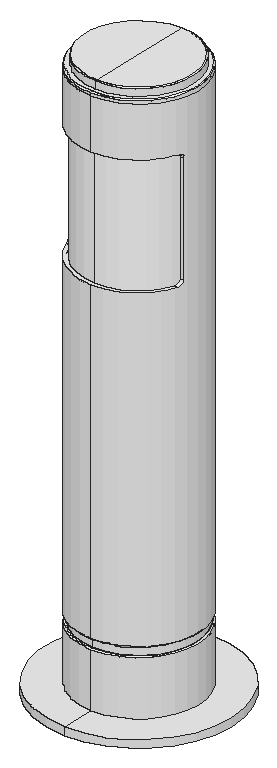
Revit family "Lighting_Outside_Focus-Lighting_Dua-Low-Bollard", category Lighting Fixtures, Revit 2018
Family settings
  Round Connector Dimension = Use Diameter
  Part Type = Normal
  OmniClass Number = 23.80.70.00
  OmniClass Title = Lighting
  Work Plane-Based = No
  Always vertical = Yes
  Cut with Voids When Loaded = No
  Light Source = Yes
  Shared = No
  Room Calculation Point = No
Parameters (values of type "Dua Low Bollard - 12W, 350 mA, 2700 K, 90 Ra")
  Wattage = 9.2903 W
  WarrantyStartDate [instance] = "n/a"
  WarrantyGuarantorParts = "n/a"
  WarrantyGuarantorLabor = "n/a"
  WarrantyDurationUnit = "Years"
  WarrantyDurationParts = "n/a"
  WarrantyDurationLabor = "n/a"
  WarrantyDescription = "n/a"
  built-in parameter 1150110 = 1 (stored number, unit not read)
  VersionDate = "11/02/2021"  # constant formula
  Version = "1"  # constant formula
  UsageCurrent = 0.35 A
  Uniclass2015Reference = "Pr_70_70_48_32"
  Uniclass2015Description = "Free standing luminaires"
  Uniclass2 = "Pr_70_70_49"
  URL = "https://www.focus-lighting.dk/products/dua-bollard/"
  TotalWattage = 12 W
  built-in parameter 1114217 = 1 (stored number, unit not read)
  built-in parameter 1150109 = 1 (stored number, unit not read)
  built-in parameter 1150134 = (empty or 0)
  TagNumber [instance] = "n/a"
  SustainabilityPerformance = "n/a"
  built-in parameter 1150113 = 1 (stored number, unit not read)
  Size = "187x187x575 mm"
  Shape = "Sculptured"
  SerialNumber [instance] = "n/a"
  Revision = "n/a"  # constant formula
  ReplacementCost = "n/a"
  ProductInformation = "n/a"
  PhaseReference = "n/a"
  PhaseAngle = 0.00°
  NumberOfSources = 0
  NumberOfPoles = 1
  NominalWidth = 187 mm
  NominalVoltageCalc = 0 V
  NominalVoltage = 230 V
  NominalRadius = 93.5 mm
  NominalLength = 187 mm
  NominalHeight = 575 mm
  NominalFrequencyRange = 50 Hz
  NominalDiameter = 187 mm
  NominalCurrent = 0 A
  Name = "Dua-Low-Bollard"
  NBSReference = "90-60-50/405"
  NBSDescription = "General purpose luminaires"
  ModelReference = "n/a"
  ModelNumber = ArticleNumber  # "7856-"
  Model = "Dua Low Bollard - 12W, 350 mA, 2700 K, 90 Ra"
  Material = "Aluminium"
  ManufacturersSpecificInformation = "n/a"
  ManufacturerURL = "https://www.focus-lighting.dk/home/"
  ManufacturerName = "Focus Lighting"
  Manufacturer = "Focus lighting"
  MaintenanceFactor = 0
  Lumens = 1380 lm
  built-in parameter 1150115 = 1 (stored number, unit not read)
  built-in parameter 1150105 = 109.82 (stored number, unit not read)
  LightFixturePlacingType = "Floor"
  LightFixtureMountingType = "Surface"
  LightFixtureMainMaterial [instance] = Aluminum black
  Light Source Symbol Size = 609.6 mm
  built-in parameter 1150137 = (empty or 0)
  built-in parameter 1150139 = (empty or 0)
  LensMaterial = Microprismatic acrylate
  built-in parameter 1150112 = 1 (stored number, unit not read)
  built-in parameter 1150114 = 1 (stored number, unit not read)
  InsulationStandardClass = "Class II; use code for Class I"
  InstallationDate [instance] = "n/a"
  built-in parameter 1150132 = 2
  built-in parameter 1150102 = (empty or 0)
  built-in parameter 1150138 = (empty or 0)
  built-in parameter 1150107 = 2700 (stored number, unit not read)
  built-in parameter 1150106 = 1.0982 (stored number, unit not read)
  IfcExportType = "NOTDEFINED"  # constant formula
  IfcExportAs = "IfcLightFixtureType"  # constant formula
  IP_Code = "IP66"
  HasProtectiveEarth = no
  Grade = "n/a"
  Finish = "Finish Graphite grey: YW355F, Akzo Nobel; Silver grey: Y2370I, Akzo Nobel; Corten brown: YX355F, Akzo Nobel; Black: Noir 900 Sablé, SN351F, Akzo Nobel. Shade Acrylic tube with inside spinned grooves."
  Features = "Mounting For embedment or on flanged base. Connection max three cables 5x16 mm2.LED type Bridgelux V8 and V6. Power consumption 12 W, 350 mA. Colour rendering min 90 Ra. Colour accuracy 3 steps SDCM."
  ExpectedLife = "Operational life min 100,000 hours at ta max 25° C, L80B10."
  ElectricalDeviceNominalPower = 0
  built-in parameter 1150104 = 13.8 (stored number, unit not read)
  DurationUnit = "Hours"
  Dimming Lamp Color Temperature Shift = <None>
  Designer = "Juul | Frost Arkitekter"
  Description = ""
  DefaultElevation = 0 mm
  Constituents = "n/a"
  Color Filter = 16777215
  Color = "Various"
  Collection = "Dua"
  CodePerformance = "n/a"
  Category = "Outside"
  Brand = "Focus lighting"
  Barcode [instance] = "n/a"
  built-in parameter 1114218 = 1 (stored number, unit not read)
  BIMObjectName = "Lighting_Outside_Focus-Lighting_Dua-Low-Bollard"
  built-in parameter 1150133 = 10 (stored number, unit not read)
  AssetType = "Fixed"
  AssetIdentifier [instance] = "n/a"
  ArticleNumber = "7856-"
  AccessibilityPerformance = "n/a"
Types (4, lengths in mm): name | built-in parameter 1150134 | Model | built-in parameter 1150107
  (no name) | (empty or 0) | "Dua Low Bollard - 12W, 350 mA, 2700 K, 90 Ra" | 2700 (stored number, unit not read)
  Dua Low Bollard - 12W, 350 mA, 2700 K, 90 Ra | (empty or 0) | "Dua Low Bollard - 12W, 350 mA, 2700 K, 90 Ra" | 2700 (stored number, unit not read)
  Dua Low Bollard - 12W, 350 mA, 3000 K, 90 Ra | (empty or 0) | "Dua Low Bollard - 12W, 350 mA, 3000 K, 90 Ra" | 3000 (stored number, unit not read)
  Dua Low Bollard - 12W, 350 mA, 4000 K, 90 Ra | 12 | "Dua Low Bollard - 12W, 350 mA, 4000 K, 90 Ra" | 4000 (stored number, unit not read)
Reference planes
  plane 1 "Light Source Axis (F/B)": y = 0
  plane 2: z = 0
  plane 3 "Light Source Axis (L/R)": x = 0
  plane 4 "Light Source Elevation": z = 452
  plane 5: y = 93.5
  plane 6: x = -93.5
  plane 7: y = -93.5
  plane 8: x = 93.5
  plane 9: z = 575
Dimensions and locks
  equal spacing: plane 6, plane 3 "Light Source Axis (L/R)", plane 8
  equal spacing: plane 7, plane 1 "Light Source Axis (F/B)", plane 5
  "NominalWidth": plane 6 to plane 8
  "NominalLength": plane 7 to plane 5
  "NominalHeight": plane 9 to plane 2
  aligned and locked: plane 3 "Light Source Axis (L/R)" to imposter light
  aligned and locked: plane 1 "Light Source Axis (F/B)" to imposter light
  aligned and locked: plane 4 "Light Source Elevation" to imposter light
  aligned and locked: level to plane 2
  aligned and locked: plane 4 "Light Source Elevation" to nested 1
Nested families
  nested 1: "Dua-Low-Bollard" at (0, 0, 0), Acrylic <- "LensMaterial", BodyVarnished <- "LightFixtureMainMaterial", type "Dua-Low-Bollard"
    with BodyVarnished Aluminum black, Acrylic Microprismatic acrylate
Definition of nested family "Dua-Low-Bollard"
  Parameters (values of type "Dua-Low-Bollard")
    BodyVarnished [instance] = none
    Inground [instance] = none
    Acrylic [instance] = none
  Reference planes
    plane 1 "Center (Front/Back)": y = 0
    plane 2: z = 0
    plane 3 "Center (Left/Right)": x = 0
    plane 4: y = 93.5
    plane 5: x = -93.5
    plane 6: z = 574
    plane 7: z = 452
    plane 8: x = 93.5
    plane 9: y = -93.5
  Forms (mm)
    Revolve 1, solid, material <- "BodyVarnished", detail levels medium+fine
      sketch origin (0, 0, 0) x (0, 1, 0) y (0, 0, 1)
        loop
          line (53.5, 574) -> (0, 574) -> (0, 559) -> (56, 559) -> (56, 562) -> (60, 562) -> (60, 565) -> (59, 566) -> (54.5, 566) -> (54.5, 573) -> (53.5, 574)
        axis (0, 559) -> (0, 574)
      angle from 0 to 360
    Revolve 2, solid, material <- "BodyVarnished", detail levels medium+fine
      sketch origin (0, 0, 0) x (0, 1, 0) y (0, 0, 1)
        loop
          line (56.5, 8) -> (60, 8) -> (60, 63) -> (59, 64) -> (57.5, 64) -> (57.5, 72) -> (59, 72) -> (60, 73) -> (60, 562) -> (56.5, 562) -> (56.5, 8)
        axis (0, 562) -> (0, 8)
      angle from 0 to 360
    Revolve 3, solid, material <- "Acrylic", detail levels medium+fine
      sketch origin (0, 0, 0) x (0, 1, 0) y (0, 0, 1)
        loop
          line (55, 554.5) -> (0, 554.5) -> (0, 551.5) -> (50, 551.5) -> (50, 493.25) -> (51.5, 493.25) -> (51.5, 489.75) -> (50, 489.75) -> (50, 473.25) -> (51.5, 473.25) -> (51.5, 469.75) -> (50, 469.75) -> (50, 453.25) -> (51.5, 453.25) -> (51.5, 449.75) -> (50, 449.75) -> (50, 433.25) -> (51.5, 433.25) -> (51.5, 429.75) -> (50, 429.75) -> (50, 413.25) -> (51.5, 413.25) -> (51.5, 409.75) -> (50, 409.75) -> (50, 167.5) -> (55, 167.5) -> (55, 554.5)
        loop
          line (0, 547.5) -> (0, 539.5) -> (48, 539.5) -> (49, 540.5) -> (49, 546.5) -> (48, 547.5) -> (0, 547.5)
        axis (0, 167.5) -> (0, 554.5)
      angle from 0 to 360
    Revolve 4, solid, material <- "BodyVarnished", detail levels medium+fine
      sketch origin (0, 0, 0) x (0, 1, 0) y (0, 0, 1)
        loop
          line (50, 0) -> (93.5, 0) -> (93.5, 8) -> (55, 8) -> (55, 165) -> (54, 166) -> (49.5, 166) -> (49.5, 175) -> (48.5, 176) -> (0, 176) -> (0, 161) -> (50, 161) -> (50, 0)
        axis (0, 0) -> (0, 176)
      angle from 0 to 360
    Extrusion 5, void
      sketch origin (0, 0, 0) x (0, 1, 0) y (0, 0, 1)
        loop
          line (-15.529, 397) -> (-15.529, 507)
          arc (-15.529, 507) -> (-16.994, 510.536) -> (-20.529, 512) r 5
          line (-20.529, 512) -> (-60, 512) -> (-60, 392) -> (-20.529, 392)
          arc (-20.529, 392) -> (-16.994, 393.464) -> (-15.529, 397) r 5
      from -60 to 60
    Extrusion 6, solid, material <- "BodyVarnished", detail levels coarse
      sketch origin (0, 0, 0) x (1, 0, 0) y (0, 1, 0)
        loop
          line (-93.5, 93.5) -> (-93.5, -93.5) -> (93.5, -93.5) -> (93.5, 93.5) -> (-93.5, 93.5)
      from 0 to 574
  Cuts and joins
    Extrusion 5 cuts Revolve 2
  Lines and regions (mm)
    symbolic lines, detail levels medium+fine
      curve 1: line (0, 0, 574) -> (0, 53.5, 574)
      curve 2: line (0, 53.5, 574) -> (0, 54.5, 573)
      curve 3: line (0, 54.5, 573) -> (0, 54.5, 566)
      curve 4: line (0, 54.5, 566) -> (0, 59, 566)
      curve 5: line (0, 59, 566) -> (0, 60, 565)
      curve 6: line (0, 60, 562) -> (0, 60, 73)
      curve 7: line (0, 60, 73) -> (0, 59, 72)
      curve 8: line (0, 59, 72) -> (0, 57.5, 72)
      curve 9: line (0, 57.5, 72) -> (0, 57.5, 64)
      curve 10: line (0, 57.5, 64) -> (0, 59, 64)
      curve 11: line (0, 59, 64) -> (0, 60, 63)
      curve 12: line (0, 60, 63) -> (0, 60, 8)
      curve 13: line (0, 60, 8) -> (0, 93.5, 8)
      curve 14: line (0, 93.5, 8) -> (0, 93.5, 0)
      curve 15: line (0, 93.5, 0) -> (0, -93.5, 0)
      curve 16: line (0, 0, 574) -> (0, -53.5, 574)
      curve 17: line (0, -53.5, 574) -> (0, -54.5, 573)
      curve 18: line (0, -54.5, 573) -> (0, -54.5, 566)
      curve 19: line (0, -54.5, 566) -> (0, -59, 566)
      curve 20: line (0, -59, 566) -> (0, -60, 565)
      curve 21: line (0, -60, 562) -> (0, -60, 512)
      curve 22: line (0, -60, 73) -> (0, -59, 72)
      curve 23: line (0, -59, 72) -> (0, -57.5, 72)
      curve 24: line (0, -57.5, 72) -> (0, -57.5, 64)
      curve 25: line (0, -57.5, 64) -> (0, -59, 64)
      curve 26: line (0, -59, 64) -> (0, -60, 63)
      curve 27: line (0, -60, 63) -> (0, -60, 8)
      curve 28: line (0, -60, 8) -> (0, -93.5, 8)
      curve 29: line (0, -93.5, 8) -> (0, -93.5, 0)
      curve 33: line (0, -55, 392) -> (0, -60, 392)
      curve 34: line (0, -55, 392) -> (0, -55, 512)
      curve 35: line (0, -55, 512) -> (0, -60, 512)
      curve 36: line (0, -60, 392) -> (0, -60, 73)
      curve 37: line (54.5, 0, 566) -> (54.5, 0, 573)
      curve 38: line (54.5, 0, 573) -> (53.5, 0, 574)
      curve 39: line (53.5, 0, 574) -> (-53.5, 0, 574)
      curve 40: line (60, 0, 565) -> (59, 0, 566)
      curve 41: line (59, 0, 566) -> (54.5, 0, 566)
      curve 42: line (93.5, 0, 0) -> (93.5, 0, 8)
      curve 43: line (93.5, 0, 8) -> (60, 0, 8)
      curve 44: line (60, 0, 8) -> (60, 0, 63)
      curve 45: line (60, 0, 63) -> (59, 0, 64)
      curve 46: line (59, 0, 64) -> (57.5, 0, 64)
      curve 47: line (57.5, 0, 64) -> (57.5, 0, 72)
      curve 48: line (57.5, 0, 72) -> (59, 0, 72)
      curve 49: line (59, 0, 72) -> (60, 0, 73)
      curve 50: line (60, 0, 73) -> (60, 0, 562)
      curve 51: line (60, 0, 562) -> (60, 0, 565)
      curve 52: line (0, -60, 565) -> (0, -60, 562)
      curve 54: line (0, 60, 562) -> (0, 60, 565)
      curve 57: line (-54.5, 0, 566) -> (-54.5, 0, 573)
      curve 58: line (-54.5, 0, 573) -> (-53.5, 0, 574)
      curve 59: line (-60, 0, 565) -> (-59, 0, 566)
      curve 60: line (-59, 0, 566) -> (-54.5, 0, 566)
      curve 61: line (93.5, 0, 0) -> (-93.5, 0, 0)
      curve 62: line (-93.5, 0, 0) -> (-93.5, 0, 8)
      curve 63: line (-93.5, 0, 8) -> (-60, 0, 8)
      curve 64: line (-60, 0, 8) -> (-60, 0, 63)
      curve 65: line (-60, 0, 63) -> (-59, 0, 64)
      curve 66: line (-59, 0, 64) -> (-57.5, 0, 64)
      curve 67: line (-57.5, 0, 64) -> (-57.5, 0, 72)
      curve 68: line (-57.5, 0, 72) -> (-59, 0, 72)
      curve 69: line (-59, 0, 72) -> (-60, 0, 73)
      curve 70: line (-60, 0, 73) -> (-60, 0, 562)
      curve 71: line (-60, 0, 562) -> (-60, 0, 565)
      curve 94: circle (0, 0, 0) r 93.5 normal (0, 0, 1)
    symbolic lines, detail levels fine
      curve 30: line (0, 57.5, 64) -> (0, -57.5, 64)
      curve 31: line (0, -57.5, 72) -> (0, 57.5, 72)
      curve 32: line (0, -60, 8) -> (0, 60, 8)
      curve 53: line (0, -60, 562) -> (0, 60, 562)
      curve 55: line (0, 54.5, 566) -> (0, -54.5, 566)
      curve 56: line (60, 0, 562) -> (-60, 0, 562)
      curve 72: line (-60, 0, 8) -> (60, 0, 8)
      curve 73: line (-57.5, 0, 64) -> (57.5, 0, 64)
      curve 74: line (57.5, 0, 72) -> (-57.5, 0, 72)
      curve 75: line (56.425, 0, 512) -> (-56.425, 0, 512)
      curve 76: line (56.429, 0, 392) -> (-56.429, 0, 392)
      curve 77: line (-54.324, 0, 508.136) -> (-54.324, 0, 396.735)
      curve 78: spline (-54.324, 0, 508.136) -> (-54.287, 0, 508.673) -> (-54.229, 0, 509.188) -> (-54.149, 0, 509.675) -> (-54.048, 0, 510.128) -> (-53.928, 0, 510.542) -> (-53.791, 0, 510.912) -> (-53.637, 0, 511.232) -> (-53.469, 0, 511.5) -> (-53.289, 0, 511.711) -> (-53.1, 0, 511.864) -> (-52.902, 0, 511.957) -> (-52.699, 0, 511.988)
      curve 79: spline (-52.694, 0, 392.013) -> (-52.897, 0, 392.052) -> (-53.097, 0, 392.17) -> (-53.291, 0, 392.365) -> (-53.475, 0, 392.634) -> (-53.647, 0, 392.972) -> (-53.805, 0, 393.375) -> (-53.945, 0, 393.835) -> (-54.066, 0, 394.347) -> (-54.166, 0, 394.901) -> (-54.243, 0, 395.49) -> (-54.296, 0, 396.105) -> (-54.324, 0, 396.735)
      curve 80: spline (-57.959, 0, 397) -> (-57.968, 0, 396.344) -> (-57.948, 0, 395.702) -> (-57.899, 0, 395.083) -> (-57.821, 0, 394.497) -> (-57.717, 0, 393.955) -> (-57.587, 0, 393.466) -> (-57.435, 0, 393.037) -> (-57.262, 0, 392.676) -> (-57.072, 0, 392.388) -> (-56.867, 0, 392.18) -> (-56.652, 0, 392.053) -> (-56.429, 0, 392.011)
      curve 81: line (-57.959, 0, 397) -> (-57.959, 0, 506.947)
      curve 82: spline (-56.425, 0, 511.989) -> (-56.624, 0, 511.946) -> (-56.819, 0, 511.817) -> (-57.008, 0, 511.606) -> (-57.187, 0, 511.315) -> (-57.353, 0, 510.95) -> (-57.504, 0, 510.516) -> (-57.636, 0, 510.02) -> (-57.748, 0, 509.472) -> (-57.838, 0, 508.881) -> (-57.903, 0, 508.256) -> (-57.944, 0, 507.607) -> (-57.959, 0, 506.947)
      curve 83: line (54.324, 0, 508.136) -> (54.324, 0, 396.735)
      curve 84: spline (54.324, 0, 508.136) -> (54.287, 0, 508.673) -> (54.229, 0, 509.188) -> (54.149, 0, 509.675) -> (54.048, 0, 510.128) -> (53.928, 0, 510.542) -> (53.791, 0, 510.912) -> (53.637, 0, 511.232) -> (53.469, 0, 511.5) -> (53.289, 0, 511.711) -> (53.1, 0, 511.864) -> (52.902, 0, 511.957) -> (52.699, 0, 511.988)
      curve 85: spline (52.694, 0, 392.013) -> (52.897, 0, 392.052) -> (53.097, 0, 392.17) -> (53.291, 0, 392.365) -> (53.475, 0, 392.634) -> (53.647, 0, 392.972) -> (53.805, 0, 393.375) -> (53.945, 0, 393.835) -> (54.066, 0, 394.347) -> (54.166, 0, 394.901) -> (54.243, 0, 395.49) -> (54.296, 0, 396.105) -> (54.324, 0, 396.735)
      curve 86: spline (57.959, 0, 397) -> (57.968, 0, 396.344) -> (57.948, 0, 395.702) -> (57.899, 0, 395.083) -> (57.821, 0, 394.497) -> (57.717, 0, 393.955) -> (57.587, 0, 393.466) -> (57.435, 0, 393.037) -> (57.262, 0, 392.676) -> (57.072, 0, 392.388) -> (56.867, 0, 392.18) -> (56.652, 0, 392.053) -> (56.429, 0, 392.011)
      curve 87: line (57.959, 0, 397) -> (57.959, 0, 506.947)
      curve 88: spline (56.425, 0, 511.989) -> (56.624, 0, 511.946) -> (56.819, 0, 511.817) -> (57.008, 0, 511.606) -> (57.187, 0, 511.315) -> (57.353, 0, 510.95) -> (57.504, 0, 510.516) -> (57.636, 0, 510.02) -> (57.748, 0, 509.472) -> (57.838, 0, 508.881) -> (57.903, 0, 508.256) -> (57.944, 0, 507.607) -> (57.959, 0, 506.947)
      curve 89: line (-54.5, 0, 566) -> (54.5, 0, 566)
      curve 90: circle (0, 0, 0) r 60 normal (0, 0, 1)
      curve 91: circle (0, 0, 0) r 59 normal (0, 0, -1)
      curve 92: circle (0, 0, 0) r 54.5 normal (0, 0, 1)
      curve 93: circle (0, 0, 0) r 53.5 normal (0, 0, -1)
  Dimensions and locks
    aligned and locked: level to plane 2
